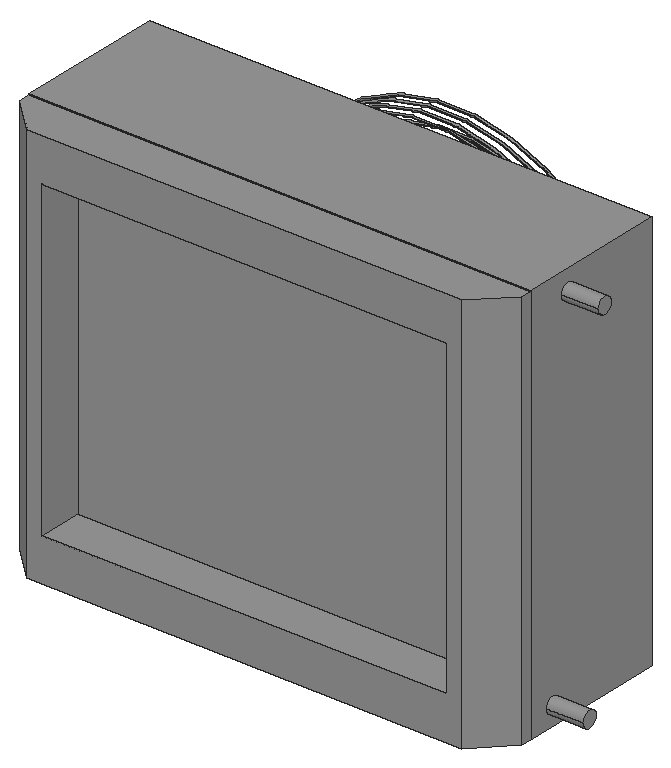
Revit family "ONYX servitude gauche", category Modèles génériques, Revit 2019
Family settings
  Peut héberger une armature = Non
  Cote de connecteur circulaire = Utiliser le diamètre
  Type d'élément = Normal
  Numéro OmniClass = 23.75.70.17.34
  Titre OmniClass = Unit Heaters
  Basée sur le plan de construction = Non
  Toujours verticalement = Oui
  Couper avec des vides une fois chargée = Non
  Partagée = Non
  Point de calcul de pièce = Non
Parameters (values of type "NY6_B tri")
  Ø = 34 mm
  console = 106 mm
  Ventilateur = Ventilateur : diam710
  Servitude gauche = yes
  Servitude droite = no
  Puissance = 900 VA
  Option Froid = Option froid : NY608
  Option Eau Glacée [instance] = no
  Option Console pivotante [instance] = no
  Modèle = "ONYX 6B tri"
  Grille = Grille : 606
  Tension = 380 V
  Fabricant = "AIRCALO"  # constant formula
  Equerre inv = Equerre inv : NY612
  Equerre coté = 101.5 mm
  Equerre arriere = 293 mm
  Option Equerre Suspendu [instance] = no
  Option Equerre Posé [instance] = no
  Equerre = Equerre : NY612
  Console pivotante = Console pivotante : NY607
  Base = ONYX base 1.1 : NY6B
Types (19, lengths in mm): name | console | Ventilateur | Puissance | Option Froid | Modèle | Grille | Tension | Equerre inv | Equerre coté | Equerre arriere | Equerre | Console pivotante | Base
  (no name) | 106 | Ventilateur : diam710 | 900 VA | Option froid : NY608 | "ONYX 6B tri" | Grille : 606 | 380 V | Equerre inv : NY612 | 101.5 | 293 | Equerre : NY612 | Console pivotante : NY607 | ONYX base 1.1 : NY6B
  NY2_A mono | 86 | Ventilateur : diam350 | 129 VA | Option froid : NY208 | "ONYX 2A mono" | Grille : 206 | 220 V | Equerre inv : NY212 | 86.5 | 263 | Equerre : NY212 | Console pivotante : NY207 | ONYX base 1.1 : NY2A
  NY3_A mono | 87 | Ventilateur : diam400 | 250 VA | Option froid : NY308 | "ONYX 3A mono" | Grille : 306 | 220 V | Equerre inv : NY212 | 91.5 | 263 | Equerre : NY212 | Console pivotante : NY307 | ONYX base 1.1 : NY3A
  NY4_A mono | 96 | Ventilateur : diam450 | 250 VA | Option froid : NY408 | "ONYX 4A mono" | Grille : 406 | 220 V | Equerre inv : NY212 | 91.5 | 263 | Equerre : NY212 | Console pivotante : NY407 | ONYX base 1.1 : NY4A
  NY5_A mono | 96 | Ventilateur : diam550 | 250 VA | Option froid : NY508 | "ONYX 5A mono" | Grille : 506 | 220 V | Equerre inv : NY612 | 101.5 | 293 | Equerre : NY612 | Console pivotante : NY507 | ONYX base 1.1 : NY5A
  NY6_A mono | 106 | Ventilateur : diam630 | 400 VA | Option froid : NY608 | "ONYX 6A mono" | Grille : 606 | 220 V | Equerre inv : NY612 | 101.5 | 293 | Equerre : NY612 | Console pivotante : NY607 | ONYX base 1.1 : NY6A
  NY2_B mono | 86 | Ventilateur : diam400 | 205 VA | Option froid : NY208 | "ONYX 2B mono" | Grille : 206 | 220 V | Equerre inv : NY212 | 86.5 | 263 | Equerre : NY212 | Console pivotante : NY207 | ONYX base 1.1 : NY2B
  NY3_B mono | 87 | Ventilateur : diam450 | 250 VA | Option froid : NY308 | "ONYX 3B mono" | Grille : 306 | 220 V | Equerre inv : NY212 | 91.5 | 263 | Equerre : NY212 | Console pivotante : NY307 | ONYX base 1.1 : NY3B
  NY4_B mono | 96 | Ventilateur : diam550 | 250 VA | Option froid : NY408 | "ONYX 4B mono" | Grille : 406 | 220 V | Equerre inv : NY212 | 91.5 | 263 | Equerre : NY212 | Console pivotante : NY407 | ONYX base 1.1 : NY4B
  NY5_B mono | 96 | Ventilateur : diam630 | 400 VA | Option froid : NY508 | "ONYX 5B mono" | Grille : 506 | 220 V | Equerre inv : NY612 | 101.5 | 293 | Equerre : NY612 | Console pivotante : NY507 | ONYX base 1.1 : NY5B
  NY6_B tri | 106 | Ventilateur : diam710 | 900 VA | Option froid : NY608 | "ONYX 6B tri" | Grille : 606 | 380 V | Equerre inv : NY612 | 101.5 | 293 | Equerre : NY612 | Console pivotante : NY607 | ONYX base 1.1 : NY6B
  NY2_B tri | 86 | Ventilateur : diam400 | 205 VA | Option froid : NY208 | "ONYX 2B tri" | Grille : 206 | 380 V | Equerre inv : NY212 | 86.5 | 263 | Equerre : NY212 | Console pivotante : NY207 | ONYX base 1.1 : NY2B
  NY3_A tri | 87 | Ventilateur : diam400 | 250 VA | Option froid : NY308 | "ONYX 3A tri" | Grille : 306 | 380 V | Equerre inv : NY212 | 91.5 | 263 | Equerre : NY212 | Console pivotante : NY307 | ONYX base 1.1 : NY3A
  NY3_B tri | 87 | Ventilateur : diam450 | 250 VA | Option froid : NY308 | "ONYX 3B tri" | Grille : 306 | 380 V | Equerre inv : NY212 | 91.5 | 263 | Equerre : NY212 | Console pivotante : NY307 | ONYX base 1.1 : NY3B
  NY4_A tri | 96 | Ventilateur : diam450 | 250 VA | Option froid : NY408 | "ONYX 4A tri" | Grille : 406 | 380 V | Equerre inv : NY212 | 91.5 | 263 | Equerre : NY212 | Console pivotante : NY407 | ONYX base 1.1 : NY4A
  NY4_B tri | 96 | Ventilateur : diam550 | 230 VA | Option froid : NY408 | "ONYX 4B tri" | Grille : 406 | 380 V | Equerre inv : NY212 | 91.5 | 263 | Equerre : NY212 | Console pivotante : NY407 | ONYX base 1.1 : NY4B
  NY5_A tri | 96 | Ventilateur : diam550 | 230 VA | Option froid : NY508 | "ONYX 5A tri" | Grille : 506 | 380 V | Equerre inv : NY612 | 101.5 | 293 | Equerre : NY612 | Console pivotante : NY507 | ONYX base 1.1 : NY5A
  NY5_B tri | 96 | Ventilateur : diam630 | 435 VA | Option froid : NY508 | "ONYX 5B tri" | Grille : 506 | 380 V | Equerre inv : NY612 | 101.5 | 293 | Equerre : NY612 | Console pivotante : NY507 | ONYX base 1.1 : NY5B
  NY6_A tri | 106 | Ventilateur : diam630 | 435 VA | Option froid : NY608 | "ONYX 6A tri" | Grille : 606 | 380 V | Equerre inv : NY612 | 101.5 | 293 | Equerre : NY612 | Console pivotante : NY607 | ONYX base 1.1 : NY6A
Reference planes
  plane 1 "Centre (avant/arrière)": y = 0
  plane 2: z = 0
  plane 3 "Centre (gauche/droite)": x = 0
Dimensions and locks
  "console": nested 4 to nested 1
  "Equerre coté": nested 1 to nested 9
  "Equerre coté": nested 1 to nested 6
  "Equerre coté": nested 8 to nested 1
  "Equerre coté": nested 7 to nested 1
  "Equerre arriere": nested 7 to nested 1
  "Equerre arriere": nested 8 to nested 1
  "Equerre arriere": nested 9 to nested 1
  "Equerre arriere": nested 6 to nested 1
  aligned and locked: level to plane 2
  aligned and locked: plane 1 "Centre (avant/arrière)" to nested 1
  aligned and locked: nested 1 to plane 3 "Centre (gauche/droite)"
  aligned and locked: plane 3 "Centre (gauche/droite)" to nested 2
  aligned and locked: nested 2 to nested 1
  aligned and locked: plane 1 "Centre (avant/arrière)" to nested 2
  aligned and locked: plane 3 "Centre (gauche/droite)" to nested 3
  aligned and locked: nested 3 to nested 1
  aligned and locked: nested 4 to plane 3 "Centre (gauche/droite)"
  aligned and locked: plane 2 to nested 1
  aligned and locked: level to nested 4
  aligned and locked: plane 3 "Centre (gauche/droite)" to nested 5
  aligned and locked: nested 5 to nested 2
  aligned and locked: nested 5 to nested 1
  aligned and locked: nested 9 to nested 1
  aligned and locked: nested 8 to nested 1
  aligned and locked: nested 6 to nested 1
Nested families
  nested 1: "ONYX base 1.1" at (-535, 0, -428.5), type <- "Base", Servitude Gauche <- "Servitude gauche", Servitude Droite <- "Servitude droite", Øcollecteur <- "Ø", type "NY6B"
    with Øcollecteur 34 mm, Servitude Gauche yes, Servitude Droite no
  nested 2: "Grille" at (0, 0, -0.5), type <- "Grille", type "606"
  nested 3: "Ventilateur" at (0, 332, 0) x (0, 1, 0) z (0, 0, 1), type <- "Ventilateur", type "diam710"
  nested 4: "Console pivotante" at (0, 216, -474.25) x (-1, 0, 0) z (0, 0, 1), type <- "Console pivotante", visible <- "Option Console pivotante", type "NY607"
  nested 5: "Option froid" at (0, 80, -428.5), type <- "Option Froid", visible <- "Option Eau Glacée", type "NY608"
  nested 6: "Equerre" at (-406, 29, 428.5), type <- "Equerre", visible <- "Option Equerre Suspendu", type "NY612"
  nested 7: "Equerre" at (406, 29, 428.5), type <- "Equerre", visible <- "Option Equerre Suspendu", type "NY612"
  nested 8: "Equerre inv" at (406, 29, -428.5), type <- "Equerre inv", visible <- "Option Equerre Posé", type "NY612"
  nested 9: "Equerre inv" at (-406, 29, -428.5), type <- "Equerre inv", visible <- "Option Equerre Posé", type "NY612"
Connectors
  electrical at (0, 322, 0), driven by "Tension", driven by "Puissance"
    settings: on nested 3, index 1, voltage 380 V, apparent load 900 VA, apparent load phase1 0 VA, apparent load phase2 0 VA, apparent load phase3 0 VA, power factor 1, load classification "Moteur", number of poles 1, system type 30, power factor state 1, is connector primary yes, connector utility no, sub classification motor no, connector description "Fan Supply"
  piping at (615, 97, 386.5), diameter 34, driven by "Ø"
    settings: on nested 1, index 2, connector inside diameter 609.6 mm, connector length 0 mm, flow factor 0, pipe flow 0.0 L/s, pressure drop 0.0 Pa, fitting loss kfactor 0, connector angle 0.00°, fixture units 0, engagement length 0 mm, angle of deflection 0.00°, flow configuration 0, flow direction 0, fitting loss method 0, system type 8, joint type 0, gender type 0, connector reference index -1, connector utility 0, adjustable connector no, is connector primary yes, connector description "Water outlet"
  piping at (615, 57, -386.5), diameter 34, driven by "Ø"
    settings: on nested 1, index 3, connector inside diameter 609.6 mm, connector length 0 mm, flow factor 0, pipe flow 0.0 L/s, pressure drop 0.0 Pa, fitting loss kfactor 0, connector angle 0.00°, fixture units 0, engagement length 0 mm, angle of deflection 0.00°, flow configuration 0, flow direction 1, fitting loss method 0, system type 7, joint type 0, gender type 0, connector reference index -1, connector utility 0, adjustable connector no, is connector primary no, connector description "Water inlet"
Definition of nested family "ONYX base 1.1"
  Parameters (values of type "NY3B")
    Øcollecteur [instance] = 34 mm
    distcollecteur = Largeur ONYX / 2 + 80 mm  # 440 mm
    diam = 465 mm
    collecteur2 = 97 mm
    collecteur1 = 57 mm
    collecteur hauteur = 42 mm
    Servitude Gauche [instance] = no
    Servitude Droite [instance] = yes
    Profondeur ONYX = 266 mm
    Largeur/2 = Largeur ONYX / 2  # 360 mm
    Largeur ONYX = 720 mm
    Hauteur/2 = Hauteur ONYX / 2  # 284.5 mm
    Hauteur ONYX = 569 mm
  Types (10, lengths in mm): name | distcollecteur | diam | Profondeur ONYX | Largeur/2 | Largeur ONYX | Hauteur/2 | Hauteur ONYX
    NY2A | 387.5 | 365 | 266 | 307.5 | 615 | 244 | 488
    NY3A | 440 | 415 | 266 | 360 | 720 | 284.5 | 569
    NY4A | 482.5 | 465 | 287 | 402.5 | 805 | 326 | 652
    NY5A | 537.5 | 565 | 296 | 457.5 | 915 | 366.5 | 733
    NY6A | 615 | 645 | 322 | 535 | 1070 | 428.5 | 857
    NY2B | 387.5 | 415 | 266 | 307.5 | 615 | 244 | 488
    NY3B | 440 | 465 | 266 | 360 | 720 | 284.5 | 569
    NY4B | 482.5 | 565 | 287 | 402.5 | 805 | 326 | 652
    NY5B | 537.5 | 645 | 296 | 457.5 | 915 | 366.5 | 733
    NY6B | 615 | 725 | 322 | 535 | 1070 | 428.5 | 857
  Reference planes
    plane 1 "Centre (avant/arrière)": y = 0
    plane 2: z = 0
    plane 3 "Centre (gauche/droite)": x = 0
    plane 4: x = 360
    plane 5: z = 284.5
  Forms (mm)
    Extrusion 1, solid
      sketch origin (0, 0, 0) x (1, 0, 0) y (0, 1, 0)
        loop
          line (0, 0) -> (720, 0) -> (720, 266) -> (0, 266) -> (0, 0)
      from 0 to 569
    Extrusion 2, void
      sketch origin (0, 0, 0) x (1, 0, 0) y (0, 0, 1)
        loop
          circle (360, 284.5) r 232.5
      from -266 to -216
    Extrusion 3, solid, visible <- "Servitude Gauche"
      sketch origin (0, 0, 0) x (0, 1, 0) y (0, 0, 1)
        loop
          circle (57, 42) r 17
        loop
          circle (97, 527) r 17
      from 800 to 720
    Extrusion 4, solid, visible <- "Servitude Droite"
      sketch origin (0, 0, 0) x (0, 1, 0) y (0, 0, 1)
        loop
          circle (57, 527) r 17
        loop
          circle (97, 42) r 17
      from 0 to -80
  Cuts and joins
    Extrusion 2 cuts Extrusion 1
  Dimensions and locks
    "Largeur ONYX": Extrusion 1 sketch curve to Extrusion 1 sketch curve
    "Profondeur ONYX": Extrusion 1 sketch curve to Extrusion 1 sketch curve
    "Hauteur ONYX": Extrusion 1 to Extrusion 1
    "Largeur/2": plane 3 "Centre (gauche/droite)" to plane 4
    "Hauteur/2": plane 5 to level
    locked: cut or joined group of Extrusion 1, Extrusion 2 to cut or joined group of Extrusion 1, Extrusion 2 at 50
    "collecteur1": cut or joined group of Extrusion 1, Extrusion 2 to Extrusion 3 sketch curve
    "collecteur2": cut or joined group of Extrusion 1, Extrusion 2 to Extrusion 3 sketch curve
    "collecteur hauteur": cut or joined group of Extrusion 1, Extrusion 2 to Extrusion 3 sketch curve  (x2)
    "distcollecteur": plane 4 to Extrusion 3
    "collecteur1": plane 1 "Centre (avant/arrière)" to Extrusion 4 sketch curve
    "collecteur2": plane 1 "Centre (avant/arrière)" to Extrusion 4 sketch curve
    "distcollecteur": Extrusion 4 to plane 4
    "collecteur hauteur": Extrusion 4 sketch curve to level
    "collecteur hauteur": cut or joined group of Extrusion 1, Extrusion 2 to Extrusion 4 sketch curve
    "diam": diameter of Extrusion 2 sketch curve
    "Øcollecteur": diameter of Extrusion 3 sketch curve  (x2)
    "Øcollecteur": diameter of Extrusion 4 sketch curve  (x2)
    aligned and locked: level to plane 2
    aligned and locked: plane 1 "Centre (avant/arrière)" to Extrusion 1 sketch curve
    aligned and locked: Extrusion 1 sketch curve to plane 3 "Centre (gauche/droite)"
    aligned and locked: Extrusion 1 to level
    aligned and locked: plane 4 to Extrusion 2 sketch curve
    aligned and locked: plane 5 to Extrusion 2 sketch curve
    aligned and locked: Extrusion 1 to Extrusion 2
    aligned and locked: Extrusion 3 to cut or joined group of Extrusion 1, Extrusion 2
    aligned and locked: plane 3 "Centre (gauche/droite)" to Extrusion 4
Definition of nested family "Grille"
  Parameters (values of type "606")
    ouverture haut bas = 92 mm
    ouverture coté = 103 mm
    longueur angle = 71 mm  # constant formula
    Largeur = 1070 mm
    Hauteur/2 = Hauteur / 2  # 428 mm
    Hauteur = 856 mm
    Epaisseur = 95 mm  # constant formula
  Types (5, lengths in mm): name | ouverture haut bas | ouverture coté | Largeur | Hauteur/2 | Hauteur
    206 | 59 | 107 | 615 | 243.5 | 487
    306 | 69 | 109 | 720 | 284 | 568
    406 | 80 | 107 | 805 | 325.5 | 651
    506 | 91 | 107 | 915 | 366 | 732
    606 | 92 | 103 | 1070 | 428 | 856
  Reference planes
    plane 1 "Centre (avant/arrière)": y = 0
    plane 2: z = 0
    plane 3 "Centre (gauche/droite)": x = 0
  Forms (mm)
    Extrusion 1, solid
      sketch origin (0, 0, 0) x (1, 0, 0) y (0, 1, 0)
        loop
          line (-535, 0) -> (-535, -95) -> (535, -95) -> (535, 0) -> (-535, 0)
      from -428 to 428
    Extrusion 2, void
      sketch origin (0, 0, 0) x (1, 0, 0) y (0, 1, 0)
        loop
          line (-535, -95) -> (-464, -95) -> (-535, -24) -> (-535, -95)
        loop
          line (464, -95) -> (535, -95) -> (535, -24) -> (464, -95)
      from -428 to 428
    Extrusion 3, void
      sketch origin (0, 0, 0) x (1, 0, 0) y (0, 0, 1)
        loop
          line (-432, 336) -> (-432, -336) -> (432, -336) -> (432, 336) -> (-432, 336)
      from 0 to 250
  Cuts and joins
    Extrusion 2, Extrusion 3 cuts Extrusion 1
  Dimensions and locks
    "Epaisseur": Extrusion 1 sketch curve to Extrusion 1 sketch curve
    "Largeur": Extrusion 1 sketch curve to Extrusion 1 sketch curve
    equal spacing: Extrusion 1 sketch curve, plane 3 "Centre (gauche/droite)", Extrusion 1 sketch curve
    "longueur angle": Extrusion 1 to Extrusion 2 sketch curve  (x3)
    "longueur angle": Extrusion 2 sketch curve to Extrusion 1
    "ouverture coté": cut or joined group of Extrusion 1, Extrusion 2, Extrusion 3 to Extrusion 3 sketch curve  (x2)
    "ouverture haut bas": cut or joined group of Extrusion 1, Extrusion 2, Extrusion 3 to Extrusion 3 sketch curve
    "ouverture haut bas": Extrusion 3 sketch curve to cut or joined group of Extrusion 1, Extrusion 2, Extrusion 3
    "Hauteur/2": level to cut or joined group of Extrusion 1, Extrusion 2, Extrusion 3
    "Hauteur/2": cut or joined group of Extrusion 1, Extrusion 2, Extrusion 3 to level
    locked: Extrusion 1 to Extrusion 2 sketch curve (angle 45.00°)
    locked: Extrusion 2 sketch curve to Extrusion 1 (angle 45.00°)
    aligned and locked: level to plane 2
    aligned and locked: Extrusion 2 sketch curve to Extrusion 1  (x3)
    aligned and locked: Extrusion 1 to Extrusion 2 sketch curve
    aligned and locked: Extrusion 2 to Extrusion 1  (x2)
  Automatic sketch dimensions
    plane 1 "Centre (avant/arrière)" to Extrusion 1 sketch curve = 0 mm
Definition of nested family "Ventilateur"
  Parameters (values of type "diam550")
    socle = 126 mm / 2  # 63 mm
    diam16 = demi diamètre / 8  # 36.375 mm
    demi diamètre = 291 mm
    Epaisseur = 99 mm
    Epais6 = Epaisseur / 6  # 16.5 mm
  Types (7, lengths in mm): name | diam16 | demi diamètre | Epaisseur | Epais6
    (no name) | 36.375 | 291 | 99 | 16.5
    diam350 | 23.5 | 188 | 80 | 13.333
    diam400 | 26.625 | 213 | 89 | 14.833
    diam450 | 29.75 | 238 | 89 | 14.833
    diam550 | 36.375 | 291 | 99 | 16.5
    diam630 | 41 | 328 | 99 | 16.5
    diam710 | 48.5 | 388 | 134 | 22.333
  Reference planes
    plane 1 "Centre (avant/arrière)": y = 0
    plane 2: z = 0
    plane 3 "Centre (gauche/droite)": x = 0
    plane 4: y = 291
    plane 5: x = 99
  Forms (mm)
    Revolve 1, solid
      sketch origin (0, 0, 0) x (1, 0, 0) y (0, 1, 0)
        loop
          circle (66, 291) r 2.5
        loop
          circle (33, 291) r 2.5
        loop
          circle (99, 218.25) r 2.5
        loop
          circle (99, 145.5) r 2.5
        loop
          circle (99, 72.75) r 2.5
        loop
          circle (99, 291) r 2.5
        loop
          circle (0, 291) r 2.5
        loop
          circle (16.5, 291) r 2.5
        loop
          circle (49.5, 291) r 2.5
        loop
          circle (82.5, 291) r 2.5
        loop
          circle (99, 254.625) r 2.5
        loop
          circle (99, 181.875) r 2.5
        loop
          circle (99, 109.125) r 2.5
        loop
          circle (99, 36.375) r 2.5
        axis (101.5, 0) -> (-2.5, 0)
      angle from 0 to 360
    Revolve 2, solid
      sketch origin (0, 0, 0) x (1, 0, 0) y (0, 1, 0)
        loop
          line (99, 0) -> (141, 0) -> (141, 63) -> (99, 63) -> (99, 0)
        axis (141, 0) -> (99, 0)
      angle from 0 to 360
    Revolve 3, solid
      sketch origin (0, 0, 0) x (1, 0, 0) y (0, 1, 0)
        loop
          line (0, 0) -> (0, 25) -> (-10, 25) -> (-10, 0) -> (0, 0)
        axis (0, 0) -> (-10, 0)
      angle from 0 to 360
  Dimensions and locks
    "demi diamètre": plane 1 "Centre (avant/arrière)" to plane 4
    "Epaisseur": plane 3 "Centre (gauche/droite)" to plane 5
    "diam16": Revolve 1 sketch curve to Revolve 1 sketch curve  (x7)
    "Epais6": Revolve 1 sketch curve to Revolve 1 sketch curve  (x5)
    "Epaisseur": plane 3 "Centre (gauche/droite)" to Revolve 2 sketch curve
    locked: Revolve 2 sketch curve to Revolve 2 sketch curve at 42
    "socle": Revolve 2 sketch curve to Revolve 2 sketch curve
    locked: Revolve 3 sketch curve to Revolve 3 sketch curve at 10
    locked: Revolve 3 sketch curve to Revolve 3 sketch curve at 25
    diameter of Revolve 1 sketch curve = 5 mm  (x14)
    aligned and locked: level to plane 2
    aligned and locked: plane 4 to Revolve 1 sketch curve  (x7)
    aligned and locked: plane 5 to Revolve 1 sketch curve  (x7)
    aligned and locked: plane 3 "Centre (gauche/droite)" to Revolve 1 sketch curve
    aligned and locked: plane 1 "Centre (avant/arrière)" to Revolve 2 sketch curve
    aligned and locked: Revolve 3 sketch curve to plane 3 "Centre (gauche/droite)"
    aligned and locked: Revolve 3 sketch curve to plane 1 "Centre (avant/arrière)"
  Automatic sketch dimensions
    Revolve 1 sketch curve to plane 1 "Centre (avant/arrière)" = 0 mm
    Revolve 1 sketch curve to plane 5 = 0 mm
    Revolve 1 sketch curve to plane 3 "Centre (gauche/droite)" = 2000 mm
    Revolve 1 sketch curve to plane 5 = 1352.109 mm
    Revolve 2 sketch curve to plane 1 "Centre (avant/arrière)" = 0 mm
    Revolve 2 sketch curve to plane 3 "Centre (gauche/droite)" = 2000 mm
    Revolve 2 sketch curve to Revolve 2 sketch curve = 1869 mm
Definition of nested family "Console pivotante"
  Parameters (values of type "NY607")
    Longueur min = 526 mm
    Longueur max = 570 mm
    Largeur/2 = Largeur / 2  # 91 mm
    Largeur = 182 mm
    Hauteur/2 = Entraxe / 2 + Ep  # 474.25 mm
    Ep = 44 mm
    Entraxe = 860.5 mm
    Bout = 280 mm
  Types (5, lengths in mm): name | Longueur min | Longueur max | Hauteur/2 | Ep | Entraxe | Bout
    NY207 | 287 | 321 | 280 | 34 | 492 | 180
    NY307 | 352 | 386 | 320.25 | 34 | 572.5 | 204
    NY407 | 399 | 443 | 371.75 | 44 | 655.5 | 230
    NY507 | 464 | 508.5 | 412.25 | 44 | 736.5 | 255
    NY607 | 526 | 570 | 474.25 | 44 | 860.5 | 280
  Reference planes
    plane 1 "Centre (avant/arrière)": y = 0
    plane 2: z = 0
    plane 3 "Centre (gauche/droite)": x = 0
    plane 4: z = 474.25
  Forms (mm)
    Extrusion 1, solid
      sketch origin (0, 0, 0) x (0, 1, 0) y (0, 0, 1)
        loop
          line (0, 0) -> (0, 44) -> (-280, 44) -> (-526, 290) -> (-526, 658.5) -> (-280, 904.5) -> (0, 904.5) -> (0, 948.5) -> (-298.225, 948.5) -> (-570, 676.725) -> (-570, 271.775) -> (-298.225, 0) -> (0, 0)
      from -91 to 91
  Dimensions and locks
    "Ep": Extrusion 1 sketch curve to Extrusion 1 sketch curve  (x3)
    "Ep": Extrusion 1 sketch curve to level
    "Entraxe": Extrusion 1 sketch curve to Extrusion 1 sketch curve
    "Longueur min": Extrusion 1 sketch curve to plane 1 "Centre (avant/arrière)"
    "Longueur max": Extrusion 1 sketch curve to plane 1 "Centre (avant/arrière)"
    "Bout": Extrusion 1 sketch curve to plane 1 "Centre (avant/arrière)"  (x2)
    "Largeur/2": plane 3 "Centre (gauche/droite)" to Extrusion 1
    "Largeur/2": Extrusion 1 to plane 3 "Centre (gauche/droite)"
    "Hauteur/2": plane 4 to level
    locked: Extrusion 1 sketch curve to Extrusion 1 sketch curve (angle 135.00°)  (x8)
    aligned and locked: level to plane 2
    aligned and locked: level to Extrusion 1 sketch curve
  Automatic sketch dimensions
    Extrusion 1 sketch curve to plane 1 "Centre (avant/arrière)" = 0 mm  (x2)
Definition of nested family "Option froid"
  Parameters (values of type "NY508")
    Longueur = 707 mm
    Largeur = 947 mm
    Ep = 2 mm
    Cote arriere = 195 mm
  Types (5, lengths in mm): name | Longueur | Largeur | Cote arriere
    NY208 | 659 | 647 | 162
    NY308 | 657 | 752 | 162
    NY408 | 679 | 837 | 182
    NY508 | 707 | 947 | 195
    NY608 | 714 | 1102 | 202
  Reference planes
    plane 1 "Centre (avant/arrière)": y = 0
    plane 2: z = 0
    plane 3 "Centre (gauche/droite)": x = 0
  Forms (mm)
    Extrusion 1, solid
      sketch origin (0, 0, 0) x (1, 0, 0) y (0, 1, 0)
        loop
          line (-473.5, 80) -> (-473.5, -80) -> (473.5, -80) -> (473.5, 80) -> (-473.5, 80)
      from -51 to 0
    Extrusion 2, solid
      sketch origin (0, 100, 0) x (0, 1, 0) y (0, 0, 1)
        loop
          line (-532, -72) -> (-532, -94) -> (175, -143.438) -> (175, -73.438) -> (173, -73.438) -> (173, -141.294) -> (-530, -92.135) -> (-530, -72) -> (-532, -72)
      from -473.5 to 473.5
    Extrusion 3, solid
      sketch origin (0, 0, 0) x (0, 1, 0) y (0, 0, 1)
        loop
          line (-430, -72) -> (-430, -92.135) -> (273, -141.294) -> (273, -73.438) -> (80, -73.438) -> (80, -51) -> (-80, -51) -> (-80, -72) -> (-430, -72)
      from 471.5 to 473.5
    Extrusion 4, solid
      sketch origin (0, 0, 0) x (0, 1, 0) y (0, 0, 1)
        loop
          line (-430, -72) -> (-430, -92.135) -> (273, -141.294) -> (273, -73.438) -> (80, -73.438) -> (80, -51) -> (-80, -51) -> (-80, -72) -> (-430, -72)
      from -473.5 to -471.5
  Dimensions and locks
    equal spacing: Extrusion 1 sketch curve, plane 3 "Centre (gauche/droite)", Extrusion 1 sketch curve
    "Largeur": Extrusion 1 sketch curve to Extrusion 1 sketch curve
    locked: Extrusion 1 sketch curve to Extrusion 1 sketch curve at 160
    equal spacing: Extrusion 1 sketch curve, plane 1 "Centre (avant/arrière)", Extrusion 1 sketch curve
    locked: level to Extrusion 1 at 51
    "Ep": Extrusion 2 sketch curve to Extrusion 2 sketch curve  (x3)
    locked: Extrusion 2 sketch curve to Extrusion 2 sketch curve at 22
    locked: Extrusion 2 sketch curve to Extrusion 2 sketch curve at 70
    "Longueur": Extrusion 2 sketch curve to Extrusion 2 sketch curve
    Extrusion 2 to level = 73.438 mm
    "Cote arriere": Extrusion 1 to Extrusion 2 sketch curve
    locked: level to Extrusion 2 sketch curve at 72
    "Ep": Extrusion 3 to Extrusion 3
    "Ep": Extrusion 2 to Extrusion 4
    locked: Extrusion 2 sketch curve to Extrusion 2 sketch curve (angle 94.00°)  (x2)
    locked: Extrusion 2 sketch curve to Extrusion 2 sketch curve (angle 86.00°)  (x2)
    aligned and locked: level to plane 2
    aligned and locked: level to Extrusion 1
    aligned and locked: Extrusion 2 to Extrusion 1
    aligned and locked: Extrusion 3 sketch curve to Extrusion 2  (x4)
    aligned and locked: Extrusion 2 to Extrusion 3 sketch curve
    aligned and locked: Extrusion 3 sketch curve to Extrusion 1  (x2)
    aligned and locked: Extrusion 1 to Extrusion 3 sketch curve
    aligned and locked: Extrusion 3 to Extrusion 1
    aligned and locked: Extrusion 4 to Extrusion 2
    aligned and locked: Extrusion 1 to Extrusion 2
    aligned and locked: Extrusion 4 sketch curve to Extrusion 3  (x8)
Definition of nested family "Equerre"
  Parameters (values of type "NY612")
    hauteur = 403 mm
    Longueur = 723 mm
    Largeur/2 = Largeur / 2  # 27.5 mm
    Largeur = 55 mm
  Types (2, lengths in mm): name | hauteur | Longueur
    NY212 | 353 | 589
    NY612 | 403 | 723
  Reference planes
    plane 1 "Centre (avant/arrière)": y = 0
    plane 2: z = 0
    plane 3 "Centre (gauche/droite)": x = 0
  Forms (mm)
    Extrusion 1, solid
      sketch origin (0, 0, 0) x (0, 1, 0) y (0, 0, 1)
        loop
          line (0, 22) -> (0, 0) -> (723, 0) -> (723, 403) -> (690, 403) -> (0, 22)
      from -27.5 to 27.5
  Dimensions and locks
    locked: Extrusion 1 sketch curve to level at 22
    locked: Extrusion 1 sketch curve to Extrusion 1 sketch curve at 33
    "Longueur": plane 1 "Centre (avant/arrière)" to Extrusion 1 sketch curve
    "hauteur": Extrusion 1 sketch curve to level
    "Largeur/2": plane 3 "Centre (gauche/droite)" to Extrusion 1
    "Largeur/2": Extrusion 1 to plane 3 "Centre (gauche/droite)"
    aligned and locked: level to plane 2
    aligned and locked: plane 1 "Centre (avant/arrière)" to Extrusion 1 sketch curve
    aligned and locked: Extrusion 1 sketch curve to level
Definition of nested family "Equerre inv"
  Parameters (values of type "NY612")
    hauteur = 403 mm
    Longueur = 723 mm
    Largeur/2 = Largeur / 2  # 27.5 mm
    Largeur = 55 mm
  Types (2, lengths in mm): name | hauteur | Longueur
    NY212 | 353 | 589
    NY612 | 403 | 723
  Reference planes
    plane 1 "Centre (avant/arrière)": y = 0
    plane 2: z = 0
    plane 3 "Centre (gauche/droite)": x = 0
  Forms (mm)
    Extrusion 1, solid
      sketch origin (0, 0, 0) x (0, 1, 0) y (0, 0, 1)
        loop
          line (0, -22) -> (690, -403) -> (723, -403) -> (723, 0) -> (0, 0) -> (0, -22)
      from -27.5 to 27.5
  Dimensions and locks
    "Largeur/2": plane 3 "Centre (gauche/droite)" to Extrusion 1
    "Largeur/2": Extrusion 1 to plane 3 "Centre (gauche/droite)"
    locked: level to Extrusion 1 sketch curve at 22
    locked: Extrusion 1 sketch curve to Extrusion 1 sketch curve at 33
    "Longueur": plane 1 "Centre (avant/arrière)" to Extrusion 1 sketch curve
    "hauteur": level to Extrusion 1 sketch curve
    aligned and locked: level to plane 2
    aligned and locked: plane 1 "Centre (avant/arrière)" to Extrusion 1 sketch curve
    aligned and locked: Extrusion 1 sketch curve to level
